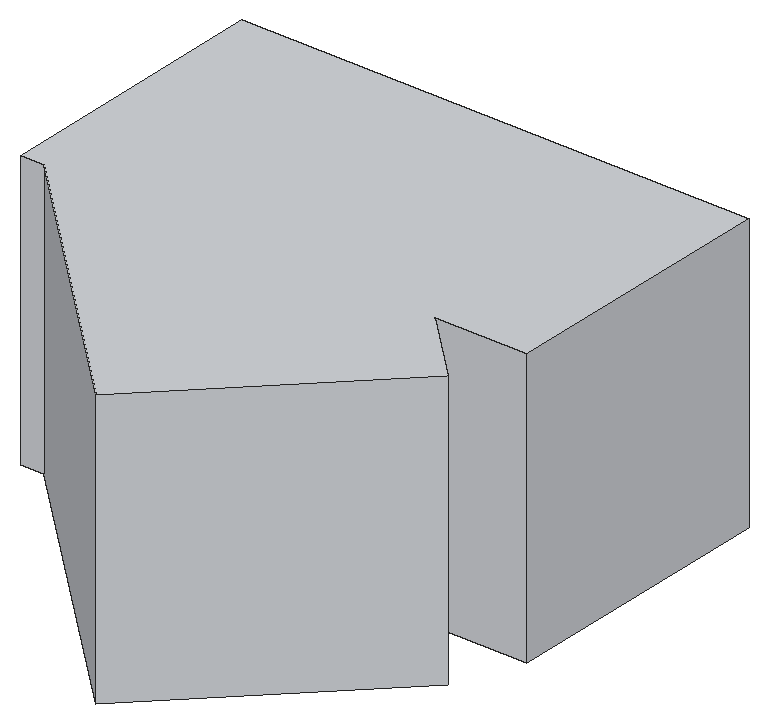
Revit family "28884dc330b140b1afbf5a2a2146c12e", category Duct Fittings, Revit 2021
Family settings
  Round Connector Dimension = Use Diameter
  Part Type = Wye
  OmniClass Number = 23.75.70.14
  OmniClass Title = Air Ductwork
  Seek Item ID = Rectangular Wye - Lateral-0000-USA-ENU
  Work Plane-Based = No
  Always vertical = Yes
  Cut with Voids When Loaded = No
  Shared = No
Parameters (values of type "Standard")
  l6 [instance] = 0' 0 1/32"  # 1/32"
  l5 [instance] = 0' 0 1/32"  # 1/32"
  l4 [instance] = abs(h0 * cos(Angle))  # 12"
  Duct Length 1 [instance] = C1 + C2 + h0  # 21.97056"
  l2 [instance] = if(Angle = 90.00°, Duct Length 1 / 2 - 0' 1", if(Angle < 90.00°, (Duct Width 3 / 2) * sin(Angle), C2 + h0 - l1 * cos(Angle) - C1 - (Duct Width 3 / 2) * sin(Angle)))  # 4.24264"
  l1 [instance] = h2 / sin(Angle)  # 2.48528"
  l0 [instance] = if(Angle = 90.00°, 0' 0", if(Angle < 90.00°, l1 * cos(Angle), 0' 0"))  # 1.75736"
  h2 [instance] = Duct Width 1 / 2 - h1  # 1.75736"
  h1 [instance] = abs(Duct Width 3 * cos(Angle) / 2)  # 4.24264"
  h0 [instance] = Duct Width 3 / sin(Angle)  # 16.97056"
  Duct Width 3 [instance] = 12"
  Duct Width 1 [instance] = 12"
  Duct Length 3 [instance] = l4 + C3 + l1  # 18.48528"
  Duct Height [instance] = 12"
  Duct Length 12 [instance] = if(Angle = 90.00°, Duct Length 1 / 2, if(Angle < 90.00°, C1 + l2, C2 + h0 - (Duct Width 3 / 2) * sin(Angle)))  # 5.24264"
  Duct Length 11 [instance] = l4 + C3  # 16"
  Default Elevation = 0' - 0"
  C3 [instance] = 4"
  C2 [instance] = 4"
  C1 [instance] = 1"
  Assembly Code = ""
  Angle [instance] = 45.00°
Reference planes (in)
  plane 1 "Center (Front/Back)": y = 0
  plane 2: z = 0
  plane 3 "Center (Left/Right)": x = 0
  plane 4: y = -1.75736
  plane 5: x = 1.75736
  plane 6: x = -2.48528
  plane 7: x = -3.48528
  plane 8: x = 18.48528
  plane 9: x = 1.75736
Forms (in)
  Sweep 1, solid, detail levels medium+fine
    path in 3D
      loop
        line (-3.48528, 0, 0) -> (18.48528, 0, 0)
    profile "Duct - Rectangular : Duct - Rectangular 1" origin (7.5, 0, 0) x (0, 1, 0) y (0, 0, 1)
      loop
        line (-6, 6) -> (-6, -6) -> (6, -6) -> (6, 6) -> (-6, 6)
  Sweep 2, solid, detail levels medium+fine
    path in 3D
      loop
        line (1.75736, -1.75736, 0) -> (13.07107, -13.07107, 0)
    profile "Duct - Rectangular : Duct - Rectangular 3" origin (7.41421, -7.41421, 0) x (0.707107, 0.707107, 0) y (0, 0, 1)
      loop
        line (-6, 6) -> (-6, -6) -> (6, -6) -> (6, 6) -> (-6, 6)
Cuts and joins
  joined: Sweep 1, Sweep 2
Lines and regions (in)
  model lines, detail levels coarse
    curve 1: line (-3.48528, 0, 0) -> (18.48528, 0, 0)
    curve 2: line (0, 0, 0) -> (13.07107, -13.07107, 0)
  sketch lines
    curve 3: line (-3.48528, 0, 0) -> (18.48528, 0, 0)
    curve 5: line (1.75736, -1.75736, 0) -> (13.07107, -13.07107, 0)
  reference lines
    curve 4: line (1.75736, -1.75736, 0) -> (13.07107, -13.07107, 0)
    curve 6: line (1.75736, -1.75736, 0) -> (1.73526, -1.73526, 0)
    curve 7: line (18.48528, 0, 0) -> (18.51653, 0, 0)
Dimensions and locks (in)
  "h2": plane 4 to plane 1 "Center (Front/Back)"
  "l0": plane 3 "Center (Left/Right)" to plane 5
  "l2": plane 6 to plane 5
  "C1": plane 7 to plane 6
  "Duct Length 1": plane 7 to plane 8
  "Duct Length 3": curve 2 to curve 2
  "Duct Length 11": curve 4 to curve 4
  "Duct Length 12": plane 7 to plane 9
  "l5": curve 6 to curve 6
  "l6": plane 8 to curve 7
  "Angle": angle curve 2 to curve 1
  "Angle": angle curve 4 to plane 4
  locked: curve 4 to curve 6 (angle 180.00°)
  aligned and locked: plane 1 "Center (Front/Back)" to curve 1
  aligned and locked: plane 8 to curve 1
  aligned and locked: plane 7 to curve 1
  aligned and locked: plane 1 "Center (Front/Back)" to curve 2
  aligned and locked: plane 3 "Center (Left/Right)" to curve 2
  aligned and locked: plane 9 to curve 6
  aligned and locked: plane 4 to curve 6
  aligned and locked: plane 1 "Center (Front/Back)" to curve 7
  aligned and locked: plane 8 to curve 7
Connectors (in)
  hvac at (-3.48528, 0, 0), driven by "Duct Height", driven by "Duct Width 1"
    settings: on Sweep 1, index 1, duct flow 0 CFM, flow factor 0, pres drop 0.00 in-wg, loss coef 0, conn angle 0.00°, conn width 12", conn height 12", conn diameter 24", duct sys type 28, conn prof type 1, flow config 0, flow direction 0, loss method 0, conn ref index 2, conn util no, is conn primary yes, conn desc ""
  hvac at (18.48528, 0, 0), driven by "Duct Height", driven by "Duct Width 1"
    settings: on Sweep 1, index 2, duct flow 0 CFM, flow factor 0, pres drop 0.00 in-wg, loss coef 0, conn angle 0.00°, conn width 12", conn height 12", conn diameter 24", duct sys type 28, conn prof type 1, flow config 0, flow direction 0, loss method 0, conn ref index 1, conn util no, is conn primary no, conn desc ""
  hvac at (13.07107, -13.07107, 0), driven by "Duct Height", driven by "Duct Width 3", driven by "Angle"
    settings: on Sweep 2, index 3, duct flow 0 CFM, flow factor 0, pres drop 0.00 in-wg, loss coef 0, conn angle 45.00°, conn width 12", conn height 12", conn diameter 24", duct sys type 28, conn prof type 1, flow config 0, flow direction 0, loss method 0, conn ref index -1, conn util no, is conn primary no, conn desc ""
